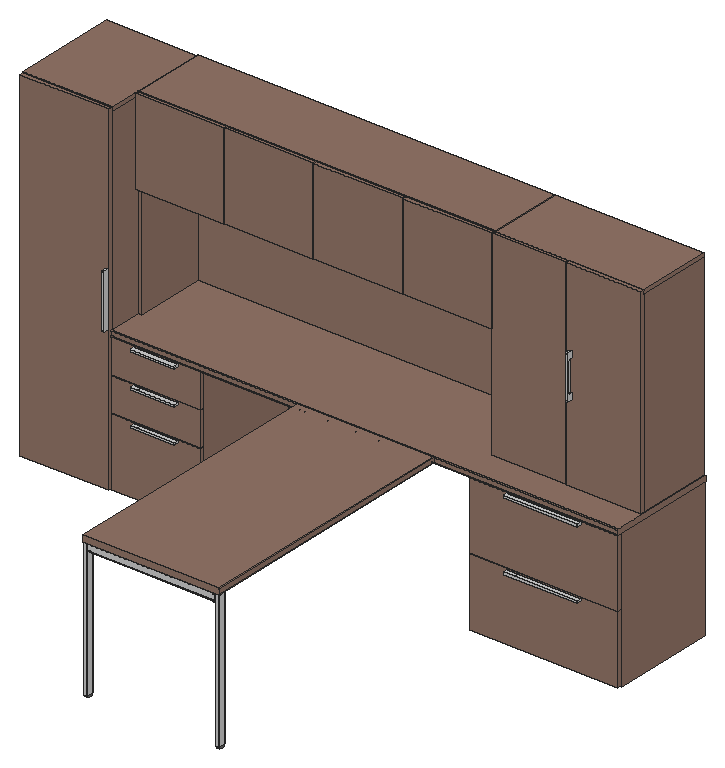
Revit family "FLV019", category Furniture, Revit 2019
Family settings
  OmniClass Number = 23.40.20.00
  OmniClass Title = General Furniture and Specialties
  Work Plane-Based = No
  Always vertical = Yes
  Cut with Voids When Loaded = No
  Shared = No
  Room Calculation Point = No
Reference planes (in)
  plane 1 "Center Front/Back": y = 0
  plane 2: z = 0
  plane 3 "Center Left/Right": x = 0
Dimensions and locks (in)
  aligned and locked: level to plane 2
Nested families (in)
  nested 1: "JSI-Flux-Run_off-Rec_Tbl_Desk-Leg_Asmbly" at (71.98106, -57.69725, 0.16505) x (0, -1, 0) z (0, 0, 1), type "FLV2854RRTN, 54 x 28 Rnff Pen Tbl Dsk Lg Asmbly, Veneer"
    with Width 4' - 6", Depth 2' - 3 1/2"
  nested 2: "JSI-Flux-Crednz_Ped" at (120.97514, -10.40076, 0), type "FLV2230-29FM4, FF Crdnz Pdst, Veneer"
    with Top_Right_Pull_Dist 0' - 7 9/16", Top_Left_Pull_Dist 0' - 7 9/16", Top Door yes, Width 2' - 6", T_R_Pull yes, T_L_Pull yes, Pull Width 1' - 2 7/8", M4 yes, M0 no, Grommet Dist 2' - 10", Drawer Line yes, Doors Line yes, C_Shelf no, C_Pull_Dist 2' - 6", Bottom_Pull_Dist 0' - 7 9/16", Bottom Support no, Bottom Panel Dist 0' - 5 1/8", Bottom Door yes, Depth 1' - 9 13/16", BT_Pull_Width 1' - 2 7/8", BT_Pull yes
  nested 3: "JSI-Flux-Crednz_Ped" at (48.99535, -10.40076, -0.00385), type "FLV2218-29FM1, BFF Crdnz Pdst, Veneer"
    with Top_Right_Pull_Dist 0' - 4 37/64", Top_Left_Pull_Dist 0' - 4 37/64", Top Door yes, Width 1' - 6", T_R_Pull yes, T_L_Pull yes, R_Door_Void_Dist 0' - 0", M1 yes, M0 no, L_Door_Void_Dist 0' - 0", Grommet Dist 1' - 10", Drawer Line yes, Doors Line yes, C_Shelf no, C_Pull_Dist 0' - 4 37/64", C_Pull yes, Bottom_Pull_Dist 0' - 4 37/64", Bottom Support no, Bottom Panel Dist 0' - 5 1/8", Bottom Door yes, Back Support no, Depth 1' - 9 13/16", BT_Pull yes
  nested 4: "JSI-Flux-Wb_Pm_Ht" at (35.68016, -10.86437, 0), type "FLV2218-69FDWL, Wb, L, Veneer"
    with V_Void_Dist 0' - 2", V_Pull_Width 0' - 10 27/32", V_Pull_R_R yes, V_Pull_R_L no, Top_Pull no, R_Vertical_Pull_Dist 1' - 5 3/4", Partition no, Hngr_L no, H_Void_Width 1' - 6 1/16", H_Void_Upper_Dist 0' - 2", H_Void_Top_Dist 0' - 2", H_Void_C_Dist 0' - 2", H_Void_Bottom_Dist 0' - 2", H_Dist_V_Void 0' - 8 31/32", Top_Shelf_Width 1' - 4 1/2", Top_Shelf_Dist 1' - 1.94079", Top_Shelf_Array_Dist 1' - 0.03977", Height 5' - 9 7/32", H_Dist_Bottom_Shelf 0' - 0", FD yes, F7 no, F2 no, F1 no, F0 no, F no, C_Shelf_Width 1' - 4 1/2", C_Pull no, Bottom_Shelf_Width 1' - 4 1/2", Bottom_Shelf_ Dist 1' - 7", Bottom Pull no, # of Top Shelf 2
  nested 5: "JSI-Flux-Strg_Tower" at (125.61766, -10.51074, 0.21162), type "FLV1630-40STD, 40"h Strg Tower, 2 Dr, Veneer"
    with WB_Shelf_Height 1' - 1.08333", WB_Shelf_Dist 0' - 8 1/8", Top Width 2' - 5 7/8", Width 2' - 5 7/8", Shelf Width 2' - 4 3/8", Shelf Dist 1' - 1.08333", Shelf Array Dist 1' - 1.08333", Pull Height 1' - 8", Pull Distance 1' - 3 35/64", Part_R_Dist 2' - 5 1/8", L no, Height 3' - 4", Door Width 1' - 2 7/8", Door Array Dist 1' - 3", Back Width 2' - 4 3/8", # of Shelf 2
  nested 6: "JSI-Flux-Prime_Ht_Strg_OH_Cab" at (53.74266, -10.51074, 0.21654), type "FLV1672-40SO, Strg OH Cab, 4 Dr, Veneer"
    with Width 5' - 11 7/8", Partition Distance_R 2' - 11 9/16", Partition Distance_L 2' - 11 9/16", Door Width 1' - 5 7/8", Door Array Distance 1' - 6", # of Doors 4
  nested 7: "JSI-Flux-Modular_Top" at (53.74052, -10.36672, 0.19886), type "FLV22102MCT,  22 x 102 Mod Cred Top, Sec Sup, Veneer"
    with Width 8' - 6"
Definition of nested family "JSI-Flux-Run_off-Rec_Tbl_Desk-Leg_Asmbly"
  Parameters (values of type "Type Catalog Family - Rnff Table Desk Leg Asmbly")
    Worksurface = none
    Width = 5' - 0"
    URL = "www.jsifurniture.com"
    Type Comments = ""
    Series = "FLUX"  # constant formula
    Sec Support Dst = 1' - 9"
    Model = "FLT3466RRTN"
    Material = ""
    Manufacturer = "JSI"  # constant formula
    Keynote = "12500"
    JSI Enviromental Website = "http://www.jsifurniture.com/jsi_sustainability_intro.php"
    Height = 2' - 5"
    Glides = none
    Frame = none
    Description = "66 X 34 Rectangular Run-off Peninsula Table Desk with End Leg Assembly"
    Depth = 2' - 9 1/2"
    Chassis = none
    Assembly Code = "E2020200"
  Reference planes (in)
    plane 1: z = 0
    plane 2 "Center (Left/Right)": x = -36.06413
    plane 3: z = 29
    plane 4: z = 27.8125
    plane 5 "Center (Front/Back)": y = 10.75
    plane 6: z = 0.3125
    plane 7: y = -22.75
    plane 8: x = 23.93587
    plane 9: z = 21
  Forms (in)
    Extrusion 1, solid, material <- "Frame"
      sketch origin (84, 10.625, 0.3125) x (0, 1, 0) y (-1, 0, 0)
        loop
          line (0, 60.25163) -> (0, 61.50163)
          arc (0, 61.50163) -> (-0.03661, 61.59002) -> (-0.125, 61.62663) r 0.125
          line (-0.125, 61.62663) -> (-0.625, 61.62663)
          arc (-0.625, 61.62663) -> (-0.71339, 61.59002) -> (-0.75, 61.50163) r 0.125
          line (-0.75, 61.50163) -> (-0.75, 60.25163)
          arc (-0.75, 60.25163) -> (-0.71339, 60.16325) -> (-0.625, 60.12663) r 0.125
          line (-0.625, 60.12663) -> (-0.125, 60.12663)
          arc (-0.125, 60.12663) -> (-0.03661, 60.16325) -> (0, 60.25163) r 0.125
        loop
          line (-32.5, 60.25163) -> (-32.5, 61.50163)
          arc (-32.5, 61.50163) -> (-32.53661, 61.59002) -> (-32.625, 61.62663) r 0.125
          line (-32.625, 61.62663) -> (-33.125, 61.62663)
          arc (-33.125, 61.62663) -> (-33.21339, 61.59002) -> (-33.25, 61.50163) r 0.125
          line (-33.25, 61.50163) -> (-33.25, 60.25163)
          arc (-33.25, 60.25163) -> (-33.21339, 60.16325) -> (-33.125, 60.12663) r 0.125
          line (-33.125, 60.12663) -> (-32.625, 60.12663)
          arc (-32.625, 60.12663) -> (-32.53661, 60.16325) -> (-32.5, 60.25163) r 0.125
      from 0 to 27.5
    Extrusion 2, solid, material <- "Worksurface"
      sketch origin (0, 0, 0) x (0, 1, 0) y (0, 0, 1)
        loop
          arc (10.625, 27.8125) -> (10.71339, 27.84911) -> (10.75, 27.9375) r 0.125
          line (10.75, 27.9375) -> (10.75, 28.875)
          arc (10.75, 28.875) -> (10.71339, 28.96339) -> (10.625, 29) r 0.125
          line (10.625, 29) -> (-22.625, 29)
          arc (-22.625, 29) -> (-22.71339, 28.96339) -> (-22.75, 28.875) r 0.125
          line (-22.75, 28.875) -> (-22.75, 27.9375)
          arc (-22.75, 27.9375) -> (-22.71339, 27.84911) -> (-22.625, 27.8125) r 0.125
          line (-22.625, 27.8125) -> (10.625, 27.8125)
      from -36.06413 to 23.93587
    Extrusion 3, solid, material <- "Frame"
      sketch origin (0, 0, 0) x (1, 0, 0) y (0, 0, 1)
        loop
          arc (23.24837, 27.8125) -> (23.15998, 27.77589) -> (23.12337, 27.6875) r 0.125
          line (23.12337, 27.6875) -> (23.12337, 26.4375)
          arc (23.12337, 26.4375) -> (23.15998, 26.34911) -> (23.24837, 26.3125) r 0.125
          line (23.24837, 26.3125) -> (23.74837, 26.3125)
          arc (23.74837, 26.3125) -> (23.83675, 26.34911) -> (23.87337, 26.4375) r 0.125
          line (23.87337, 26.4375) -> (23.87337, 27.6875)
          arc (23.87337, 27.6875) -> (23.83675, 27.77589) -> (23.74837, 27.8125) r 0.125
          line (23.74837, 27.8125) -> (23.24837, 27.8125)
      from -9.875 to 21.875
    Extrusion 4, solid, material <- "Glides"
      sketch origin (59, 0, 0) x (1, 0, 0) y (0, 1, 0)
        loop
          circle (-35.85735, 10.25072) r 0.55846
        loop
          circle (-35.85735, -22.25072) r 0.55846
      from 0 to 0.3125
  Lines and regions (in)
    symbolic lines
      curve 1: line (-36.06413, -22.75, 0) -> (23.93587, -22.75, 0)
      curve 2: line (-36.06413, 10.75, 0) -> (-36.06413, -22.75, 0)
      curve 3: line (23.93587, 10.75, 0) -> (-36.06413, 10.75, 0)
      curve 4: line (23.93587, -22.75, 0) -> (23.93587, 10.75, 0)
    symbolic lines, detail levels medium+fine
      curve 5: line (23.87337, 10.625, 0) -> (22.37337, 10.625, 0)
      curve 6: line (22.37337, 9.875, 0) -> (23.87337, 9.875, 0)
      curve 7: line (23.87337, 9.875, 0) -> (23.87337, 10.625, 0)
      curve 8: line (22.37337, 10.625, 0) -> (22.37337, 9.875, 0)
      curve 9: line (22.37337, -22.625, 0) -> (23.87337, -22.625, 0)
      curve 10: line (23.87337, -21.875, 0) -> (22.37337, -21.875, 0)
      curve 11: line (22.37337, -21.875, 0) -> (22.37337, -22.625, 0)
      curve 12: line (23.87337, -22.625, 0) -> (23.87337, -21.875, 0)
  Dimensions and locks (in)
    locked: plane 6 to level at 0.3125
    "Depth": plane 7 to plane 5 "Center (Front/Back)"
    locked: plane 3 to plane 4 at 1.1875
    plane 3 to level = 2' - 5"
    "Width": plane 2 "Center (Left/Right)" to plane 8
    Extrusion 1 sketch curve to Extrusion 1 sketch curve to plane 8 = 0' - 1 1/2" locked, 0' - 0 1/16" locked  (x2)
    Extrusion 1 sketch curve to Extrusion 1 sketch curve to plane 5 "Center (Front/Back)" = 0' - 0 3/4" locked, 0' - 0 1/8" locked
    Extrusion 1 sketch curve to Extrusion 1 sketch curve to plane 7 = 0' - 0 3/4" locked, 0' - 0 1/8" locked
    plane 8 to Extrusion 3 sketch curve to Extrusion 3 sketch curve = 0' - 0 1/16" locked, 0' - 0 3/4" locked
    locked: plane 4 to Extrusion 3 sketch curve at 1.5
    locked: Extrusion 4 sketch curve to plane 8 at 0.79322  (x2)
    locked: Extrusion 4 sketch curve to plane 5 "Center (Front/Back)" at 0.49928
    locked: plane 7 to Extrusion 4 sketch curve at 0.49928
    "Sec Support Dst": plane 9 to plane 1
    aligned and locked: level to plane 1
    aligned and locked: plane 4 to Extrusion 1
    aligned and locked: Extrusion 1 to plane 6
    aligned and locked: Extrusion 2 sketch curve to plane 5 "Center (Front/Back)"
    aligned and locked: plane 3 to Extrusion 2 sketch curve
    aligned and locked: Extrusion 2 sketch curve to plane 4
    aligned and locked: plane 7 to Extrusion 2 sketch curve
    aligned and locked: Extrusion 2 to plane 2 "Center (Left/Right)"
    aligned and locked: plane 8 to Extrusion 2
    aligned and locked: Extrusion 3 sketch curve to plane 4
    aligned and locked: Extrusion 3 to Extrusion 1  (x2)
    aligned and locked: curve 2 to plane 2 "Center (Left/Right)"
    aligned and locked: plane 8 to curve 4
    aligned and locked: curve 3 to plane 5 "Center (Front/Back)"
    aligned and locked: plane 7 to curve 1
    aligned and locked: curve 5 to Extrusion 1
    aligned and locked: curve 6 to Extrusion 1
    aligned and locked: curve 7 to Extrusion 1
    aligned and locked: curve 8 to Extrusion 1
    aligned and locked: curve 9 to Extrusion 1
    aligned and locked: curve 10 to Extrusion 1
    aligned and locked: curve 11 to Extrusion 1
    aligned and locked: curve 12 to Extrusion 1
  Automatic sketch dimensions
    Extrusion 1 sketch curve to Extrusion 1 sketch curve = 0' - 0 1/8"  (x8)
    Extrusion 2 sketch curve to Extrusion 2 sketch curve = 0' - 0 1/8"  (x3)
    plane 4 to Extrusion 2 sketch curve = 0' - 0 1/8"
    Extrusion 3 sketch curve to Extrusion 3 sketch curve = 0' - 0 1/8"  (x4)
    radius of Extrusion 4 sketch curve = 0' - 0.55846"  (x2)
Definition of nested family "JSI-Flux-Crednz_Ped"
  Parameters (values of type "Type Catalog - Crdnz Pdst")
    V_Door_Void_Dist = if(M7, (if(Width > 1' 10", 0' 0", 0' 2")), (if(M8, 0' 0", 0' 2")))  # 0' - 2"
    Top_V_Door_Void_Dist = if(M, 0' 0", 0' 2")  # 0' - 2"
    Top_Right_Pull_Dist = if(M3, ((Width - Pull Width) / 2), if(M4, ((Width - Pull Width) / 2), ((if(Width > 1' 10", (Width / 2) + 0' 0 7/32", (if(M7, (if(L, (Width - Pull Width - 0' 0 7/32"), 0' 0 7/32")), ((Width - Pull Width) / 2))))))))  # 1' - 6 7/32"
    Top_Left_Pull_Dist = if(M3, ((Width - Pull Width) / 2), if(M4, ((Width - Pull Width) / 2), (if(Width > 1' 10", ((Width / 2) - 0' 0 7/32" - Pull Width), (if(M7, (if(L, (Width - Pull Width - 0' 0 7/32"), 0' 0 7/32")), ((Width - Pull Width) / 2)))))))  # 0' - 8 15/16"
    Top Shelf = if(M8, 2 > 1, 1 > 2)  # no
    Top Pull V_Dist = if(M8, 0' 7 5/64", 0' 0 3/16")  # 0' - 0 3/16"
    Top Panel Dist = if(Depth > 2' 6", 1' 2 3/8", (if(Depth > 1' 10", 0' 8 3/8", 0' 7 3/8")))  # 0' - 7 3/8"
    Top Door = if(M8, 1 > 2, (if(M0, 1 > 2, 2 > 1)))  # no
    Top Back Panel Depth = if(M0, 0' 4 1/2", (if(M1, 0' 4 1/2", (if(M2, 0' 4 1/2", (if(M3, 0' 4 1/2", (if(M4, 0' 4 1/2", (if(M7, 0' 4 1/2", (if(M8, 0' 4 1/2", Shelf Height)))))))))))))  # 0' - 4 1/2"
    Top = none
    Width = 3' - 0"
    URL = "www.jsifurniture.com"
    Type Comments = ""
    T_R_Pull = if(M0, 1 > 2, 2 > 1)  # no
    T_L_Pull = if(M0, 1 > 2, 2 > 1)  # no
    TAG = if(M1, "BBF", (if(M2, "FF", (if(M3, "BBF", (if(M4, "FF", (if(M8, "2 Doors", (if(M0, "Open", (if(M, "BBF", (if(M7, (if(Width > 1' 10", "2 Doors", "1 Door")), "2 Doors")))))))))))))))  # "Open"
    Shelf Height = if(Top Shelf, 1' 0 17/32", 0' 11 3/32")  # 0' - 11 3/32"
    Shelf = none
    Series = "FLUX"  # constant formula
    R_Door_Void_Dist = if(M1, 0' 0", (if(M3, 0' 0", (if(M, (if(L, 0' 0", 0' 2")), 0' 2")))))  # 0' - 2"
    Pull Width = if(M2, 0' 10 27/32", (if(M4, 1' 2 7/8", (if(M3, 1' 2 7/8", 0' 8 27/32")))))  # 0' - 8 27/32"
    Pull Finish = none
    Model = ""
    Manufacturer = "JSI"  # constant formula
    M8 = no
    M7 = no
    M4 = no
    M3 = no
    M2 = no
    M1 = no
    M0 = yes
    M = no
    L_Door_Void_Dist = if(M1, 0' 0", (if(M3, 0' 0", (if(M, (if(L, 0' 2", 0' 0")), 0' 2")))))  # 0' - 2"
    L = no
    Keynote = "12500"
    JSI Enviromental Website = "http://www.jsifurniture.com/jsi_sustainability_intro.php"
    Height = 2' - 4"
    Grommet Dist = if(M8, (Width / 2) - 0' 3", (if(M0, (Width / 2) - 0' 3", Width + 0' 4")))  # 1' - 3"
    Glides = none
    Drawer Line = if(M1, 2 > 1, (if(M2, 2 > 1, (if(M3, 2 > 1, (if(M4, 2 > 1, (if(M, 2 > 1, (if(M7, (if(Width > 1' 10", 1 > 2, 2 > 1)), 1 > 2)))))))))))  # no
    Doors Line = if(M0, 1 > 2, 2 > 1)  # no
    Door Line = if(M7, (if(Width > 1' 10", 2 > 1, 1 > 2)), (if(M8, 2 > 1, (if(M, 2 > 1, 1 > 2)))))  # no
    Door Height = if(M7, (Height - 0' 0 5/16" - 0' 0 1/4"), (if(M8, (Height - 0' 0 5/16" - 0' 7 3/32"), (Height - 0' 0 5/16" - 0' 0 1/4" - 0' 0 1/8") / 2)))  # 1' - 1 21/32"
    C_Shelf = if(M0, 2 > 1, (if(M7, 2 > 1, (if(M8, 2 > 1, (if(M, 2 > 1, 1 > 2)))))))  # yes
    C_Pull_Dist = if(M, (if(L, ((Width / 2) + 0' 0 7/32"), ((Width / 2) - 0' 0 7/32" - Pull Width))), (if(M1, ((Width - Pull Width) / 2), (if(M3, ((Width - Pull Width) / 2), Width)))))  # 3' - 0"
    C_Pull = if(M, 2 > 1, (if(M1, 2 > 1, (if(M3, 2 > 1, 1 > 2)))))  # no
    C_Partition = if(M0, 1 > 2, (if(M1, 1 > 2, (if(M2, 1 > 2, (if(M3, 1 > 2, (if(M4, 1 > 2, (if(M7, 1 > 2, (if(M8, 1 > 2, 2 > 1)))))))))))))  # no
    Bottom_Pull_Dist = (Width - BT_Pull_Width) / 2  # 1' - 1 37/64"
    Bottom Support = if(M7, 2 > 1, (if(M8, 2 > 1, (if(M0, 2 > 1, 1 > 2)))))  # yes
    Bottom Panel Dist = if(M7, 0' 0", (if(M8, 0' 0", (if(M0, 0' 0", 0' 5 1/8")))))  # 0' - 0"
    Bottom Door = if(M0, 1 > 2, 2 > 1)  # no
    Back Support = if(M1, 1 > 2, (if(M2, 1 > 2, 2 > 1)))  # yes
    Back Panel = none
    Door Front = none
    Description = ""
    Depth = 1' - 10"
    Chassis = none
    BT_Pull_Width = if(M2, (if(Width > 1' 10", 1' 2 7/8", 0' 10 27/32")), (if(M4, (if(Width > 1' 10", 1' 2 7/8", 0' 10 27/32")), (if(M3, (if(Width > 1' 10", 1' 2 7/8", 0' 10 27/32")), (if(M, (if(Width > 1' 10", 1' 2 7/8", 0' 10 27/32")), 0' 8 27/32")))))))  # 0' - 8 27/32"
    BT_Pull_Line = if(M0, 1 > 2, 1 > 2)  # no
    BT_Pull = if(M7, 1 > 2, (if(M8, 1 > 2, (if(M0, 1 > 2, 2 > 1)))))  # no
    Assembly Code = "E2020200"
  Reference planes (in)
    plane 1: z = 0
    plane 2 "Center (Left/Right)": x = -31.31413
    plane 3 "Center (Front/Back)": y = 10.75
    plane 4: x = -31.31413
    plane 5: x = -30.56413
    plane 6: x = 4.68587
    plane 7: x = 3.93587
    plane 8: y = -11.25
    plane 9: y = 10.71875
    plane 10: y = 9.96875
    plane 11: x = -13.31413
    plane 12: y = -10.5
    plane 13: z = 28
    plane 14: z = 0.3125
    plane 15: z = 1.5
    plane 16: z = 2.25
    plane 17: z = 16.90625
    plane 18: z = 16.15625
    plane 19: z = 27.25
    plane 20: z = 21.15625
    plane 21: z = 20.40625
    plane 22: z = 0.3125
    plane 23: z = 25.25
    plane 24: z = 20.75
    plane 25: y = 5.375
    plane 26: y = 0.875
    plane 27: y = -6
    plane 28: y = 5.96875
    plane 29: y = -6.5
    plane 30: y = 10.75
    plane 31: y = 9.3125
    plane 32: y = -9.0625
    plane 33: x = -29.56413
    plane 34: x = 2.93587
    plane 35: y = 8.8125
    plane 36: y = 6.3125
    plane 37: x = -16.31413
    plane 38: x = -10.31413
    plane 39: x = -13.68913
    plane 40: x = -12.93913
    plane 41: z = 27.875
    plane 42: z = 0.4375
    plane 43: z = 14.09375
    plane 44: z = 14.21875
    plane 45: x = -13.37663
    plane 46: x = -13.25163
    plane 47: x = -31.25163
    plane 48: x = 4.62337
    plane 49: z = 20.98438
    plane 50: z = 21.10938
    plane 51: z = 21.04688
    plane 52: y = -12.5
    plane 53: y = -13.5
    plane 54: y = -12.5
    plane 55: y = -13.5
    plane 56: y = -12.5
    plane 57: y = -13.5
    plane 58: y = -12.5
    plane 59: y = -13.5
    plane 60: x = -22.37663
    plane 61: x = -13.09538
    plane 62: x = 4.68587
    plane 63: x = -17.73601
    plane 64: z = 27.6875
    plane 65: z = 20.79688
    plane 66: z = 13.90625
    plane 67: y = 8.78125
    plane 68: z = 23
    plane 69: x = -16.31413
    plane 70: x = -10.31413
    plane 71: z = 19.40625
  Forms (in)
    Extrusion 1, solid, material <- "Chassis"
      sketch origin (0, 0, 0) x (0, 1, 0) y (0, 0, 1)
        loop
          line (10.75, 28) -> (-10.5, 28) -> (-10.5, 0.3125) -> (10.75, 0.3125) -> (10.75, 28)
      from -31.31413 to -30.56413
    Extrusion 2, solid, material <- "Chassis"
      sketch origin (0, 0, 0) x (0, 1, 0) y (0, 0, 1)
        loop
          line (10.75, 28) -> (-10.5, 28) -> (-10.5, 0.3125) -> (10.75, 0.3125) -> (10.75, 28)
      from 3.93587 to 4.68587
    Extrusion 3, solid, material <- "Back Panel"
      sketch origin (0, 0, 0) x (0, 1, 0) y (0, 0, 1)
        loop
          line (10.71875, 28) -> (9.96875, 28) -> (9.96875, 0.3125) -> (10.71875, 0.3125) -> (10.71875, 28)
      from -30.56413 to 3.93587
    Extrusion 4, solid, material <- "Shelf", visible <- "Bottom Support"
      sketch origin (0, 0, 0) x (0, 1, 0) y (0, 0, 1)
        loop
          line (9.96875, 1.5) -> (5.96875, 1.5) -> (5.96875, 0.3125) -> (9.96875, 0.3125) -> (9.96875, 1.5)
      from -30.56413 to 3.93587
    Extrusion 5, solid, material <- "Shelf"
      sketch origin (0, 0, 0) x (0, 1, 0) y (0, 0, 1)
        loop
          line (-6.5, 1.5) -> (-10.5, 1.5) -> (-10.5, 0.3125) -> (-6.5, 0.3125) -> (-6.5, 1.5)
      from -30.56413 to 3.93587
    Extrusion 6, solid, material <- "Shelf"
      sketch origin (0, 0, 0) x (0, 1, 0) y (0, 0, 1)
        loop
          line (10.75, 2.25) -> (-10.5, 2.25) -> (-10.5, 1.5) -> (10.75, 1.5) -> (10.75, 2.25)
      from -30.56413 to 3.93587
    Extrusion 7, solid, material <- "Top"
      sketch origin (0, 0, 0) x (0, 1, 0) y (0, 0, 1)
        loop
          line (5.375, 27.25) -> (5.375, 28) -> (0.875, 28) -> (0.875, 27.25) -> (5.375, 27.25)
      from -30.56413 to 3.93587
    Extrusion 8, solid, material <- "Top"
      sketch origin (0, 0, 0) x (0, 1, 0) y (0, 0, 1)
        loop
          line (-6.5, 28) -> (-10.5, 28) -> (-10.5, 27.25) -> (-6.5, 27.25) -> (-6.5, 28)
      from -30.56413 to 3.93587
    Extrusion 9, solid, material <- "Glides"
      sketch origin (0, 0, 0) x (1, 0, 0) y (0, 1, 0)
        loop
          circle (-29.56413, 9.3125) r 0.5
      from 0 to 0.3125
    Extrusion 10, solid, material <- "Glides"
      sketch origin (0, 0, 0) x (1, 0, 0) y (0, 1, 0)
        loop
          circle (2.93587, 9.3125) r 0.5
      from 0 to 0.3125
    Extrusion 11, solid, material <- "Glides"
      sketch origin (0, 0, 0) x (1, 0, 0) y (0, 1, 0)
        loop
          circle (-29.56413, -9.0625) r 0.5
      from 0 to 0.3125
    Extrusion 12, solid, material <- "Glides"
      sketch origin (0, 0, 0) x (1, 0, 0) y (0, 1, 0)
        loop
          circle (2.93587, -9.0625) r 0.5
      from 0 to 0.3125
    Extrusion 13, solid, material <- "Shelf", visible <- "C_Shelf"
      sketch origin (0, 0, 0) x (0, 1, 0) y (0, 0, 1)
        loop
          line (9.96875, 16.90625) -> (-10.5, 16.90625) -> (-10.5, 16.15625) -> (9.96875, 16.15625) -> (9.96875, 16.90625)
      from -30.56413 to 3.93587
    Extrusion 14, solid, material <- "Shelf", visible <- "Top Shelf"
      sketch origin (0, 0, 0) x (1, 0, 0) y (0, 1, 0)
        loop
          line (3.93587, 9.3125) -> (-30.56413, 9.3125) -> (-30.56413, -10.5) -> (3.93587, -10.5) -> (3.93587, 9.3125)
        loop
          line (-11.31413, 8.8125) -> (-15.31413, 8.8125)
          arc (-15.31413, 8.8125) -> (-16.02124, 8.51961) -> (-16.31413, 7.8125) r 1
          line (-16.31413, 7.8125) -> (-16.31413, 7.3125)
          arc (-16.31413, 7.3125) -> (-16.02124, 6.60539) -> (-15.31413, 6.3125) r 1
          line (-15.31413, 6.3125) -> (-11.31413, 6.3125)
          arc (-11.31413, 6.3125) -> (-10.60703, 6.60539) -> (-10.31413, 7.3125) r 1
          line (-10.31413, 7.3125) -> (-10.31413, 7.8125)
          arc (-10.31413, 7.8125) -> (-10.60703, 8.51961) -> (-11.31413, 8.8125) r 1
      from 20.40625 to 21.15625
    Extrusion 15, solid, material <- "Chassis", visible <- "C_Partition"
      sketch origin (0, 0, 0) x (0, 1, 0) y (0, 0, 1)
        loop
          line (9.96875, 27.25) -> (-10.5, 27.25) -> (-10.5, 20.75) -> (9.96875, 20.75) -> (9.96875, 27.25)
      from -13.68913 to -12.93913
    Extrusion 16, solid, material <- "Door Front", visible <- "Top Door"
      sketch origin (0, 0, 0) x (1, 0, 0) y (0, 1, 0)
        loop
          line (4.62337, -10.5) -> (-31.25163, -10.5) -> (-31.25163, -11.25) -> (4.62337, -11.25) -> (4.62337, -10.5)
      from 14.21875 to 27.875
    Extrusion 17, solid, material <- "Door Front", visible <- "Bottom Door"
      sketch origin (0, 0, 0) x (1, 0, 0) y (0, 1, 0)
        loop
          line (-31.25163, -10.5) -> (-31.25163, -11.25) -> (4.62337, -11.25) -> (4.62337, -10.5) -> (-31.25163, -10.5)
      from 0.4375 to 14.09375
    Extrusion 18, void
      sketch origin (0, 0, 0) x (1, 0, 0) y (0, 1, 0)
        loop
          line (-31.31413, -12.5) -> (-31.31413, -13.5) -> (-13.25163, -13.5) -> (-13.25163, -12.5) -> (-31.31413, -12.5)
      from 20.98438 to 21.10937
    Extrusion 19, void
      sketch origin (0, 0, 0) x (1, 0, 0) y (0, 1, 0)
        loop
          line (-13.37663, -12.5) -> (-13.37663, -13.5) -> (4.68587, -13.5) -> (4.68587, -12.5) -> (-13.37663, -12.5)
      from 20.98438 to 21.10937
    Extrusion 20, void
      sketch origin (0, 0, 0) x (1, 0, 0) y (0, 1, 0)
        loop
          line (-13.37663, -12.5) -> (-13.37663, -13.5) -> (-13.25163, -13.5) -> (-13.25163, -12.5) -> (-13.37663, -12.5)
      from 14.09375 to 28
    Extrusion 21, void
      sketch origin (0, 0, 0) x (1, 0, 0) y (0, 1, 0)
        loop
          line (-13.37663, -12.5) -> (-13.37663, -13.5) -> (-13.25163, -13.5) -> (-13.25163, -12.5) -> (-13.37663, -12.5)
      from 0 to 28
    Extrusion 22, solid, material <- "Back Panel", visible <- "Back Support"
      sketch origin (0, 0, 0) x (0, 1, 0) y (0, 0, 1)
        loop
          line (9.96875, 28) -> (8.78125, 28) -> (8.78125, 23) -> (9.96875, 23) -> (9.96875, 28)
      from -30.56413 to 3.93587
    Extrusion 23, void
      sketch origin (0, 0, 0) x (1, 0, 0) y (0, 0, 1)
        loop
          arc (-11.31413, 16.90625) -> (-10.60703, 17.19914) -> (-10.31413, 17.90625) r 1
          line (-10.31413, 17.90625) -> (-10.31413, 18.40625)
          arc (-10.31413, 18.40625) -> (-10.60703, 19.11336) -> (-11.31413, 19.40625) r 1
          line (-11.31413, 19.40625) -> (-15.31413, 19.40625)
          arc (-15.31413, 19.40625) -> (-16.02124, 19.11336) -> (-16.31413, 18.40625) r 1
          line (-16.31413, 18.40625) -> (-16.31413, 17.90625)
          arc (-16.31413, 17.90625) -> (-16.02124, 17.19914) -> (-15.31413, 16.90625) r 1
          line (-15.31413, 16.90625) -> (-11.31413, 16.90625)
      from -10.71875 to -9.3125
  Cuts and joins
    Extrusion 18, Extrusion 19, Extrusion 20, Extrusion 21 cuts Extrusion 16
    Extrusion 21 cuts Extrusion 17
    Extrusion 23 cuts Extrusion 3
  Lines and regions (in)
    symbolic lines
      curve 1: line (-31.31413, 10.75, 0) -> (-31.31413, -10.5, 0)
      curve 2: line (4.68587, 10.75, 0) -> (-31.31413, 10.75, 0)
      curve 3: line (4.68587, 10.75, 0) -> (4.68587, -10.5, 0)
      curve 4: line (4.68587, -10.5, 0) -> (-31.31413, -10.5, 0)
    symbolic lines, visible <- "Doors Line"
      curve 5: line (-31.25163, -11.25, 0) -> (-31.25163, -10.5, 0)
      curve 6: line (4.62337, -11.25, 0) -> (4.62337, -10.5, 0)
    symbolic lines, visible <- "Drawer Line"
      curve 7: line (-31.25163, -11.25, 0) -> (4.62337, -11.25, 0)
    symbolic lines, visible <- "Door Line"
      curve 8: line (-31.25163, -11.25, 0) -> (-13.37663, -11.25, 0)
      curve 9: line (-13.25163, -11.25, 0) -> (4.62337, -11.25, 0)
      curve 10: line (-13.37663, -11.25, 0) -> (-13.37663, -10.5, 0)
      curve 11: line (-13.25163, -11.25, 0) -> (-13.25163, -10.5, 0)
    symbolic lines, visible <- "C_Partition", detail levels medium+fine
      curve 12: line (-13.68913, 9.96875, 0) -> (-13.68913, -10.5, 0)
      curve 13: line (-12.93913, 9.96875, 0) -> (-12.93913, -10.5, 0)
      curve 14: line (-12.93913, 9.96875, 0) -> (-13.68913, 9.96875, 0)
      curve 15: line (-12.93913, -10.5, 0) -> (-13.68913, -10.5, 0)
  Dimensions and locks (in)
    "Width": plane 4 to plane 6
    equal spacing: plane 4, plane 11, plane 6
    plane 10 to plane 9 to plane 3 "Center (Front/Back)" = 0' - 0 3/4" locked, 0' - 0 1/32" locked
    "Depth": plane 8 to plane 3 "Center (Front/Back)"
    locked: plane 8 to plane 12 at 0.75
    plane 4 to plane 5 to plane 33 = 0' - 0 3/4" locked, 0' - 1" locked
    plane 34 to plane 7 to plane 6 = 0' - 1" locked, 0' - 0 3/4" locked
    "Height": plane 13 to plane 1
    locked: plane 13 to plane 19 at 0.75
    plane 71 to plane 17 to plane 18 = 0' - 2 1/2" locked, 0' - 0 3/4" locked
    locked: plane 14 to plane 1 at 0.3125
    plane 16 to plane 15 to plane 14 = 0' - 0 3/4" locked, 0' - 1 3/16" locked
    "Shelf Height": plane 13 to plane 17
    locked: plane 20 to plane 21 at 0.75
    locked: plane 13 to plane 20 at 6.84375
    locked: plane 13 to plane 23 at 2.75
    "Top Back Panel Depth": plane 23 to plane 24
    locked: plane 26 to plane 25 at 4.5
    locked: plane 12 to plane 27 at 4.5
    locked: plane 12 to plane 29 at 4
    "Bottom Panel Dist": plane 30 to plane 3 "Center (Front/Back)"
    locked: plane 31 to plane 3 "Center (Front/Back)" at 1.4375
    locked: plane 12 to plane 32 at 1.4375
    plane 36 to plane 35 to plane 10 = 0' - 2 1/2" locked, 0' - 1 5/32" locked
    locked: plane 37 to plane 38 at 6
    equal spacing: plane 37, plane 11, plane 38
    plane 39 to plane 11 to plane 40 = 0' - 0 3/8" locked, 0' - 0 3/8" locked
    locked: plane 13 to plane 41 at 0.125
    locked: plane 16 to plane 42 at 1.8125
    "Door Height": plane 43 to plane 42
    "Door Height": plane 41 to plane 44
    plane 45 to plane 11 to plane 46 = 0' - 0 1/16" locked, 0' - 0 1/16" locked
    locked: plane 4 to plane 47 at 0.0625
    locked: plane 48 to plane 6 at 0.0625
    plane 50 to plane 51 to plane 49 = 0' - 0 1/16" locked, 0' - 0 1/16" locked
    equal spacing: plane 41, plane 51, plane 44
    locked: plane 53 to plane 52 at 1
    locked: plane 55 to plane 54 at 1
    "L_Door_Void_Dist": plane 52 to plane 12
    "R_Door_Void_Dist": plane 54 to plane 12
    locked: plane 57 to plane 56 at 1
    "Top_V_Door_Void_Dist": plane 56 to plane 12
    locked: plane 59 to plane 58 at 1
    "V_Door_Void_Dist": plane 58 to plane 12
    locked: plane 49 to plane 65 at 0.1875
    "Top Pull V_Dist": plane 41 to plane 64
    locked: plane 43 to plane 66 at 0.1875
    "Top_Left_Pull_Dist": plane 4 to plane 60
    "Top_Right_Pull_Dist": plane 4 to plane 61
    "C_Pull_Dist": plane 4 to plane 62
    "Bottom_Pull_Dist": plane 4 to plane 63
    curve 10 to plane 11 to curve 11 = 0' - 0 1/16" locked, 0' - 0 1/16" locked
    locked: plane 28 to plane 10 at 4
    "Top Panel Dist": plane 29 to plane 26
    locked: plane 67 to plane 10 at 1.1875
    locked: plane 13 to plane 68 at 5
    locked: plane 69 to plane 70 at 6
    "Grommet Dist": plane 4 to plane 69
    radius of Extrusion 9 sketch curve = 0' - 0 1/2"
    radius of Extrusion 10 sketch curve = 0' - 0 1/2"
    radius of Extrusion 11 sketch curve = 0' - 0 1/2"
    radius of Extrusion 12 sketch curve = 0' - 0 1/2"
    aligned and locked: level to plane 1
    aligned and locked: plane 3 "Center (Front/Back)" to Extrusion 1 sketch curve
    aligned and locked: plane 13 to Extrusion 1 sketch curve
    aligned and locked: plane 12 to Extrusion 1 sketch curve
    aligned and locked: plane 14 to Extrusion 1 sketch curve
    aligned and locked: Extrusion 1 to plane 4
    aligned and locked: plane 5 to Extrusion 1
    aligned and locked: plane 13 to Extrusion 2 sketch curve
    aligned and locked: plane 3 "Center (Front/Back)" to Extrusion 2 sketch curve
    aligned and locked: plane 12 to Extrusion 2 sketch curve
    aligned and locked: plane 14 to Extrusion 2 sketch curve
    aligned and locked: Extrusion 2 to plane 7
    aligned and locked: plane 6 to Extrusion 2
    aligned and locked: plane 9 to Extrusion 3 sketch curve
    aligned and locked: plane 22 to Extrusion 3 sketch curve
    aligned and locked: plane 10 to Extrusion 3 sketch curve
    aligned and locked: Extrusion 3 to plane 5
    aligned and locked: plane 7 to Extrusion 3
    aligned and locked: plane 28 to Extrusion 4 sketch curve
    aligned and locked: plane 15 to Extrusion 4 sketch curve
    aligned and locked: plane 14 to Extrusion 4 sketch curve
    aligned and locked: Extrusion 4 to plane 5
    aligned and locked: plane 7 to Extrusion 4
    aligned and locked: plane 29 to Extrusion 5 sketch curve
    aligned and locked: plane 12 to Extrusion 5 sketch curve
    aligned and locked: plane 15 to Extrusion 5 sketch curve
    aligned and locked: plane 14 to Extrusion 5 sketch curve
    aligned and locked: Extrusion 5 to plane 5
    aligned and locked: plane 7 to Extrusion 5
    aligned and locked: plane 16 to Extrusion 6 sketch curve
    aligned and locked: plane 15 to Extrusion 6 sketch curve
    aligned and locked: plane 12 to Extrusion 6 sketch curve
    aligned and locked: plane 30 to Extrusion 6 sketch curve
    aligned and locked: Extrusion 6 to plane 5
    aligned and locked: plane 7 to Extrusion 6
    aligned and locked: plane 19 to Extrusion 7 sketch curve
    aligned and locked: plane 13 to Extrusion 7 sketch curve
    aligned and locked: plane 25 to Extrusion 7 sketch curve
    aligned and locked: plane 26 to Extrusion 7 sketch curve
    aligned and locked: plane 29 to Extrusion 8 sketch curve
    aligned and locked: plane 12 to Extrusion 8 sketch curve
    aligned and locked: plane 19 to Extrusion 8 sketch curve
    aligned and locked: plane 13 to Extrusion 8 sketch curve
    aligned and locked: Extrusion 8 to plane 5
    aligned and locked: Extrusion 7 to plane 5
    aligned and locked: plane 7 to Extrusion 8
    aligned and locked: plane 7 to Extrusion 7
    aligned and locked: Extrusion 9 to plane 1
    aligned and locked: Extrusion 11 to plane 1
    aligned and locked: Extrusion 10 to plane 1
    aligned and locked: Extrusion 12 to plane 1
    aligned and locked: plane 14 to Extrusion 9
    aligned and locked: plane 14 to Extrusion 11
    aligned and locked: plane 14 to Extrusion 10
    aligned and locked: plane 14 to Extrusion 12
    aligned and locked: plane 17 to Extrusion 13 sketch curve
    aligned and locked: plane 18 to Extrusion 13 sketch curve
    aligned and locked: plane 12 to Extrusion 13 sketch curve
    aligned and locked: Extrusion 13 to plane 5
    aligned and locked: plane 7 to Extrusion 13
    aligned and locked: Extrusion 14 sketch curve to plane 31
    aligned and locked: Extrusion 14 sketch curve to plane 5
    aligned and locked: Extrusion 14 sketch curve to plane 7
    aligned and locked: Extrusion 14 sketch curve to plane 12
    aligned and locked: plane 20 to Extrusion 14
    aligned and locked: Extrusion 14 to plane 21
    aligned and locked: Extrusion 14 sketch curve to plane 35
    aligned and locked: Extrusion 14 sketch curve to plane 36
    aligned and locked: Extrusion 14 sketch curve to plane 37
    aligned and locked: Extrusion 14 sketch curve to plane 38
    aligned and locked: plane 10 to Extrusion 15 sketch curve
    aligned and locked: plane 19 to Extrusion 15 sketch curve
    aligned and locked: plane 12 to Extrusion 15 sketch curve
    aligned and locked: plane 24 to Extrusion 15 sketch curve
    aligned and locked: Extrusion 15 to plane 39
    aligned and locked: plane 40 to Extrusion 15
    aligned and locked: Extrusion 16 sketch curve to plane 12
    aligned and locked: Extrusion 16 sketch curve to plane 8
    aligned and locked: Extrusion 16 sketch curve to plane 47
    aligned and locked: Extrusion 16 sketch curve to plane 48
    aligned and locked: plane 41 to Extrusion 16
    aligned and locked: Extrusion 16 to plane 44
    aligned and locked: Extrusion 17 sketch curve to plane 47
    aligned and locked: Extrusion 17 sketch curve to plane 12
    aligned and locked: Extrusion 17 sketch curve to plane 8
    aligned and locked: Extrusion 17 sketch curve to plane 48
    aligned and locked: plane 43 to Extrusion 17
    aligned and locked: Extrusion 17 to plane 42
    aligned and locked: Extrusion 18 sketch curve to plane 4
    aligned and locked: Extrusion 18 sketch curve to plane 52
    aligned and locked: Extrusion 18 sketch curve to plane 53
    aligned and locked: Extrusion 19 sketch curve to plane 54
    aligned and locked: Extrusion 19 sketch curve to plane 55
    aligned and locked: Extrusion 19 sketch curve to plane 6
    aligned and locked: plane 50 to Extrusion 18
    aligned and locked: plane 50 to Extrusion 19
    aligned and locked: Extrusion 18 to plane 49
    aligned and locked: Extrusion 19 to plane 49
    aligned and locked: Extrusion 18 sketch curve to plane 46
    aligned and locked: Extrusion 19 sketch curve to plane 45
    aligned and locked: Extrusion 20 sketch curve to plane 45
    aligned and locked: Extrusion 20 sketch curve to plane 46
    aligned and locked: Extrusion 20 sketch curve to plane 56
    aligned and locked: Extrusion 20 sketch curve to plane 57
    aligned and locked: plane 13 to Extrusion 20
    aligned and locked: Extrusion 20 to plane 43
    aligned and locked: Extrusion 21 sketch curve to plane 45
    aligned and locked: Extrusion 21 sketch curve to plane 46
    aligned and locked: Extrusion 21 sketch curve to plane 59
    aligned and locked: Extrusion 21 sketch curve to plane 58
    aligned and locked: plane 13 to Extrusion 21
    aligned and locked: nested 1 to plane 60
    aligned and locked: nested 2 to plane 61
    aligned and locked: plane 8 to nested 1
    aligned and locked: plane 8 to nested 2
    aligned and locked: nested 3 to plane 62
    aligned and locked: plane 8 to nested 3
    aligned and locked: nested 4 to plane 63
    aligned and locked: plane 8 to nested 4
    aligned and locked: plane 64 to nested 1
    aligned and locked: plane 64 to nested 2
    aligned and locked: plane 65 to nested 3
    aligned and locked: plane 66 to nested 4
    aligned and locked: Extrusion 21 to plane 1
    aligned and locked: curve 1 to plane 4
    aligned and locked: curve 4 to plane 12
    aligned and locked: plane 47 to curve 5
    aligned and locked: plane 12 to curve 5
    aligned and locked: plane 8 to curve 5
    aligned and locked: plane 48 to curve 6
    aligned and locked: plane 12 to curve 6
    aligned and locked: plane 8 to curve 6
    aligned and locked: Extrusion 21 to plane 58
    aligned and locked: plane 11 to nested 5
    aligned and locked: curve 12 to plane 39
    aligned and locked: curve 13 to plane 40
    aligned and locked: curve 14 to plane 10
    aligned and locked: curve 15 to plane 12
    aligned and locked: curve 2 to plane 3 "Center (Front/Back)"
    aligned and locked: plane 14 to plane 22
    aligned and locked: plane 13 to Extrusion 3
    aligned and locked: Extrusion 4 sketch curve to plane 10
    aligned and locked: Extrusion 13 sketch curve to plane 10
    aligned and locked: plane 10 to Extrusion 22 sketch curve
    aligned and locked: plane 67 to Extrusion 22 sketch curve
    aligned and locked: plane 68 to Extrusion 22 sketch curve
    aligned and locked: plane 13 to Extrusion 22 sketch curve
    aligned and locked: Extrusion 22 to plane 5
    aligned and locked: plane 7 to Extrusion 22
    aligned and locked: Extrusion 23 sketch curve to plane 17
    aligned and locked: Extrusion 23 sketch curve to plane 71
    aligned and locked: Extrusion 23 to plane 9
    aligned and locked: plane 31 to Extrusion 23
    aligned and locked: Extrusion 23 sketch curve to plane 69
    aligned and locked: Extrusion 23 sketch curve to plane 70
    aligned and locked: plane 8 to nested 5
    aligned and locked: plane 2 "Center (Left/Right)" to plane 4
  Automatic sketch dimensions
    plane 31 to Extrusion 9 sketch curve = 0' - 0"
    Extrusion 9 sketch curve to plane 33 = 0' - 0"
    plane 31 to Extrusion 10 sketch curve = 0' - 0"
    Extrusion 10 sketch curve to plane 34 = 0' - 0"
    plane 32 to Extrusion 11 sketch curve = 0' - 0"
    Extrusion 11 sketch curve to plane 33 = 0' - 0"
    plane 32 to Extrusion 12 sketch curve = 0' - 0"
    Extrusion 12 sketch curve to plane 34 = 0' - 0"
    plane 37 to Extrusion 14 sketch curve = 0' - 1"  (x2)
    Extrusion 14 sketch curve to plane 38 = 0' - 1"  (x2)
    curve 2 to plane 6 = 0' - 0"
    plane 16 to Extrusion 3 sketch curve = 2' - 1 3/4"
    plane 17 to Extrusion 23 sketch curve = 0' - 1"
    Extrusion 23 sketch curve to Extrusion 23 sketch curve = 0' - 0"  (x2)
    Extrusion 23 sketch curve to plane 70 = 0' - 1"
  Nested families (in)
    nested 1: "Bar Pull CL" at (-21.19689, -11.25, 27.6875), visible <- "T_L_Pull", Pull Line <- "T_L_Pull", Pull Finish <- "Pull Finish", type "PL"
      with Pull Line no, Pull Finish none
    nested 2: "Bar Pull CL" at (-11.91564, -11.25, 27.6875), visible <- "T_R_Pull", Pull Line <- "T_R_Pull", Pull Finish <- "Pull Finish", type "PL"
      with Pull Line no, Pull Finish none
    nested 3: "Bar Pull CL" at (5.86561, -11.25, 20.79688), visible <- "C_Pull", Pull Line <- "C_Pull", Pull Finish <- "Pull Finish", type "PL"
      with Pull Line no, Pull Finish none
    nested 4: "Bar Pull CL_Long" at (-16.55626, -11.25, 13.90625), visible <- "BT_Pull", Pull Finish <- "Pull Finish", Pull Lines <- "BT_Pull_Line", type "PL"
      with Pull Lines no, Pull Finish none, Stud 0' - 1.26339", Long Pull Width 0' - 8 27/32"
    nested 5: "Label 1-16" at (-13.31413, -11.25, 0), type "DRWCFG"
  Definition of nested family "Bar Pull CL"
    Parameters
      Stud = Pull Width / 7  # 0' - 1.26339"
      Pull Width = 0' - 8 27/32"
      Pull Line [instance] = yes
      Pull Finish [instance] = none
    Reference planes (in)
      plane 1 "Center Front/Back": y = 0
      plane 2: z = 0
      plane 3 "Center Left/Right": x = 3.24213
    Forms (in)
      Extrusion 1, solid, material <- "Pull Finish"
        sketch origin (0, 0, 0) x (1, 0, 0) y (0, 1, 0)
          loop
            line (-1.17975, 0) -> (-1.17975, -0.85113)
            arc (-1.17975, -0.85113) -> (-1.15229, -0.91742) -> (-1.086, -0.94488) r 0.09375
            line (-1.086, -0.94488) -> (7.58526, -0.94488)
            arc (7.58526, -0.94488) -> (7.64094, -0.92182) -> (7.664, -0.86614) r 0.07874
            line (7.664, -0.86614) -> (7.664, 0) -> (6.40061, 0) -> (6.40061, -0.70177)
            arc (6.40061, -0.70177) -> (6.364, -0.79016) -> (6.27561, -0.82677) r 0.125
            line (6.27561, -0.82677) -> (0.20864, -0.82677)
            arc (0.20864, -0.82677) -> (0.12026, -0.79016) -> (0.08364, -0.70177) r 0.125
            line (0.08364, -0.70177) -> (0.08364, 0) -> (-1.17975, 0)
        from -0.43307 to -0.11811
      Extrusion 2, solid, material <- "Pull Finish"
        sketch origin (0, 0, 0) x (1, 0, 0) y (0, 1, 0)
          loop
            line (-1.17975, 0) -> (-1.17975, -0.85113)
            arc (-1.17975, -0.85113) -> (-1.15229, -0.91742) -> (-1.086, -0.94488) r 0.09375
            line (-1.086, -0.94488) -> (7.58526, -0.94488)
            arc (7.58526, -0.94488) -> (7.64094, -0.92182) -> (7.664, -0.86614) r 0.07874
            line (7.664, -0.86614) -> (7.664, 0) -> (-1.17975, 0)
        from 0 to -0.11811
    Cuts and joins
      joined: Extrusion 1, Extrusion 2
    Lines and regions (in)
      symbolic lines, visible <- "Pull Line"
        curve 1: line (-1.17975, 0, 0) -> (-1.17975, -0.85113, 0)
        curve 2: line (7.664, -0.86614, 0) -> (7.664, 0, 0)
        curve 3: line (-1.086, -0.94488, 0) -> (7.58526, -0.94488, 0)
        curve 4: arc (-1.17975, -0.85113, 0) -> (-1.15229, -0.91742, 0) -> (-1.086, -0.94488, 0) r 0.09375
        curve 5: arc (7.58526, -0.94488, 0) -> (7.64094, -0.92182, 0) -> (7.664, -0.86614, 0) r 0.07874
    Dimensions and locks (in)
      equal spacing: Extrusion 1 sketch curve, plane 3 "Center Left/Right", Extrusion 1 sketch curve
      "Stud": Extrusion 1 sketch curve to Extrusion 1 sketch curve  (x2)
      "Pull Width": Extrusion 1 sketch curve to Extrusion 1 sketch curve
      aligned and locked: level to plane 2
      aligned and locked: Extrusion 2 sketch curve to Extrusion 1  (x2)
      aligned and locked: cut or joined group of Extrusion 1, Extrusion 2 to curve 1
      aligned and locked: curve 4 to cut or joined group of Extrusion 1, Extrusion 2
      aligned and locked: curve 5 to cut or joined group of Extrusion 1, Extrusion 2
      aligned and locked: plane 1 "Center Front/Back" to curve 1
      aligned and locked: plane 1 "Center Front/Back" to curve 2
    Automatic sketch dimensions
      plane 1 "Center Front/Back" to Extrusion 2 sketch curve = 0' - 0"
      plane 1 "Center Front/Back" to Extrusion 1 sketch curve = 0' - 0"  (x2)
      Extrusion 1 sketch curve to Extrusion 1 sketch curve = 0' - 0 3/32"
      Extrusion 1 sketch curve to Extrusion 1 sketch curve = 0' - 0 1/8"  (x2)
      Extrusion 1 sketch curve to Extrusion 1 sketch curve = 0' - 0.07874"
      plane 1 "Center Front/Back" to Extrusion 1 sketch curve = 0' - 0.70177"
      plane 1 "Center Front/Back" to Extrusion 1 sketch curve = 0' - 0.85113"
  Definition of nested family "Bar Pull CL_Long"
    Parameters
      Stud = Long Pull Width / 7  # 0' - 2.12261"
      Pull Lines [instance] = yes
      Long Pull Width = 1' - 2.85827"
      Pull Finish [instance] = none
    Reference planes (in)
      plane 1 "Center Front/Back": y = 0
      plane 2: z = 0
      plane 3 "Center Left/Right": x = 3.24213
    Forms (in)
      Extrusion 1, solid, material <- "Pull Finish"
        sketch origin (0, 0, 0) x (1, 0, 0) y (0, 1, 0)
          loop
            line (-4.18701, 0) -> (-4.18701, -0.85113)
            arc (-4.18701, -0.85113) -> (-4.15955, -0.91742) -> (-4.09326, -0.94488) r 0.09375
            line (-4.09326, -0.94488) -> (10.59252, -0.94488)
            arc (10.59252, -0.94488) -> (10.6482, -0.92182) -> (10.67126, -0.86614) r 0.07874
            line (10.67126, -0.86614) -> (10.67126, 0) -> (8.54865, 0) -> (8.54865, -0.70177)
            arc (8.54865, -0.70177) -> (8.51204, -0.79016) -> (8.42365, -0.82677) r 0.125
            line (8.42365, -0.82677) -> (-1.9394, -0.82677)
            arc (-1.9394, -0.82677) -> (-2.02779, -0.79016) -> (-2.0644, -0.70177) r 0.125
            line (-2.0644, -0.70177) -> (-2.0644, 0) -> (-4.18701, 0)
        from -0.43307 to -0.11811
      Extrusion 2, solid, material <- "Pull Finish"
        sketch origin (0, 0, 0) x (1, 0, 0) y (0, 1, 0)
          loop
            line (-4.18701, 0) -> (-4.18701, -0.85113)
            arc (-4.18701, -0.85113) -> (-4.15955, -0.91742) -> (-4.09326, -0.94488) r 0.09375
            line (-4.09326, -0.94488) -> (10.59252, -0.94488)
            arc (10.59252, -0.94488) -> (10.6482, -0.92182) -> (10.67126, -0.86614) r 0.07874
            line (10.67126, -0.86614) -> (10.67126, 0) -> (-4.18701, 0)
        from 0 to -0.11811
    Cuts and joins
      joined: Extrusion 1, Extrusion 2
    Lines and regions (in)
      symbolic lines, visible <- "Pull Lines"
        curve 1: line (-4.18701, 0, 0) -> (-4.18701, -0.85113, 0)
        curve 2: line (-4.09326, -0.94488, 0) -> (10.59252, -0.94488, 0)
        curve 3: line (10.67126, -0.86614, 0) -> (10.67126, 0, 0)
        curve 4: arc (10.59252, -0.94488, 0) -> (10.6482, -0.92182, 0) -> (10.67126, -0.86614, 0) r 0.07874
        curve 5: arc (-4.18701, -0.85113, 0) -> (-4.15955, -0.91742, 0) -> (-4.09326, -0.94488, 0) r 0.09375
    Dimensions and locks (in)
      equal spacing: Extrusion 1 sketch curve, plane 3 "Center Left/Right", Extrusion 1 sketch curve
      "Stud": Extrusion 1 sketch curve to Extrusion 1 sketch curve  (x2)
      "Long Pull Width": Extrusion 1 sketch curve to Extrusion 1 sketch curve
      aligned and locked: level to plane 2
      aligned and locked: Extrusion 2 sketch curve to Extrusion 1  (x2)
      aligned and locked: cut or joined group of Extrusion 1, Extrusion 2 to curve 1
      aligned and locked: curve 4 to cut or joined group of Extrusion 1, Extrusion 2
      aligned and locked: curve 5 to cut or joined group of Extrusion 1, Extrusion 2
      aligned and locked: plane 1 "Center Front/Back" to curve 1
      aligned and locked: plane 1 "Center Front/Back" to curve 3
    Automatic sketch dimensions
      plane 1 "Center Front/Back" to Extrusion 2 sketch curve = 0' - 0"
      plane 1 "Center Front/Back" to Extrusion 1 sketch curve = 0' - 0"  (x2)
      Extrusion 1 sketch curve to Extrusion 1 sketch curve = 0' - 0 3/32"
      Extrusion 1 sketch curve to Extrusion 1 sketch curve = 0' - 0 1/8"  (x2)
      Extrusion 1 sketch curve to Extrusion 1 sketch curve = 0' - 0.07874"
      plane 1 "Center Front/Back" to Extrusion 1 sketch curve = 0' - 0.70177"
      Extrusion 1 sketch curve to Extrusion 1 sketch curve = 0' - 0.85113"
  Definition of nested family "Label 1-16"
    Parameters
      Model Name = "LOW DOOR"
    Reference planes (in)
      plane 1: y = 0
      plane 2: x = 0
    Text (in)
      label "XX" at (0.00051, -0.12324, 0), shows "Model Name"
Definition of nested family "JSI-Flux-Wb_Pm_Ht"
  Parameters (values of type "Type Catalog - Wb, Pm Ht")
    W = no
    V_Void_Dist = if(F, 0' 0", (if(W, (if(F7, (if(Width > 1' 7", 0' 0", 0' 2")), 0' 2")), 0' 2")))  # 0' - 0"
    V_Pull_Width = if(Height > 5' 10", 1' 2 27/32", 0' 10 27/32")  # 1' - 2 27/32"
    V_Pull_R_R = if(FD, (if(L, 1 > 2, 2 > 1)), (if(F, 1 > 2, (if(W, 1 > 2, 2 > 1)))))  # no
    V_Pull_R_L = if(FD, (if(L, 2 > 1, 1 > 2)), (if(F, (if(F0, (if(L, 1 > 2, 2 > 1)), 2 > 1)), 1 > 2)))  # yes
    V_Pull_L_R = if(FD, 1 > 2, (if(F, (if(F0, (if(L, 2 > 1, 1 > 2)), 2 > 1)), (if(W, (if(L, 1 > 2, (if(Width > 2' 1", 1 > 2, (if(F0, 1 > 2, 2 > 1)))))), 1 > 2)))))  # no
    V_Pull_L_L = if(FD, 1 > 2, (if(F, 1 > 2, (if(W, (if(Width > 2' 1", (if(F0, 1 > 2, 2 > 1)), (if(L, (if(F0, 1 > 2, 2 > 1)), 1 > 2)))), 2 > 1)))))  # no
    Top_V_Void_Dist = if(W, (if(Width > 2' 1", 0' 0", 0' 2")), 0' 2")  # 0' - 2"
    Top_Pull_Dist = if(W, (if(Width > 2' 1", (if(F7, ((Width / 2) - 0' 0 7/32" - Pull_Width), ((Width / 2) - (Pull_Width / 2)))), (if(F0, (if(F1, ((Width / 2) - (Pull_Width / 2)), (if(F2, ((Width / 2) - (Pull_Width / 2)), (if(L, (0' 0 1/4" + 0' 0 1/16"), (Width - 0' 0 1/4" - 0' 0 1/16" - Pull_Width))))))), (if(L, (0' 0 1/4" + 0' 0 1/16"), (Width - 0' 0 1/4" - 0' 0 1/16" - Pull_Width))))))), (if(L, Partition Dist + 0' 0 1/16" + 0' 0 7/32", Partition Dist + 0' 0 11/16" - 0' 0 7/32" - Pull_Width)))  # 0' - 0 29/32"
    Top_Pull = if(F1, 2 > 1, (if(F2, 2 > 1, (if(F7, 2 > 1, 1 > 2)))))  # yes
    Top_2_Pull_Dist = if(W, (if(F7, (if(Width > 1' 6", ((Width / 2) + 0' 0 1/16" + 0' 0 7/32"), Width + 0' 2")), Width + 0' 2")), Width + 0' 2")  # 1' - 8 1/16"
    Top_2_Pull = if(W, (if(F7, (if(Width > 2' 1", 2 > 1, 1 > 2)), 1 > 2)), 1 > 2)  # no
    R_Vertical_Pull_Dist = if(FD, (if(L, 0' 0 1/32" + 0' 0 1/16" + 0' 0 7/32", (Width - 0' 0 1/32" - 0' 0 1/16" - 0' 0 7/32"))), L_Vertical_Pull_Dist + 0' 0 7/16" + 0' 0 1/8")  # 1' - 0 5/16"
    Pull_Width = if(Width > 2' 1", (if(F7, 0' 10 27/32", 1' 2 3/4")), 0' 10 27/32")  # 0' - 10 27/32"
    Partition = if(FD, 1 > 2, (if(W, 1 > 2, 2 > 1)))  # yes
    L_Vertical_Pull_Dist = (if(W, (if(Width > 2' 1", ((Width / 2) + 0' 0 1/16" + 0' 0 7/32"), (if(L, 0' 0 1/16" + 0' 0 7/32", Width - 0' 0 1/16" - 0' 0 7/32")))), (if(L, Partition Dist - 0' 0 7/32" - 0' 0 1/16", Partition Dist + 0' 0 3/4" - 0' 0 7/32" - 0' 0 1/16"))))  # 0' - 11 3/4"
    Hngr_R = if(W, 1 > 2, (if(FD, 1 > 2, (if(L, 2 > 1, 1 > 2)))))  # no
    Hngr_L = if(W, 1 > 2, (if(FD, 1 > 2, (if(L, 1 > 2, 2 > 1)))))  # yes
    Hanger_Dist = if(L, Partition Dist + 0' 0 3/4", Partition Dist)  # 0' - 11 9/32"
    H_Void_Width = if(F, Top_Shelf_Width + 0' 1 1/2", Width)  # 1' - 0"
    H_Void_Upper_Dist = if(F0, 0' 0", 0' 2")  # 0' - 0"
    H_Void_Top_Dist = if(FD, 0' 2", 0' 0")  # 0' - 0"
    H_Void_H_Dist = if(F, (if(L, Partition Dist + 0' 0 1/16", 0' 0")), 0' 0")  # 0' - 0"
    H_Void_C_Dist = if(F1, 0' 0", 0' 2")  # 0' - 0"
    H_Void_Bottom_Dist = if(F1, 0' 0", (if(F2, 0' 0", 0' 2")))  # 0' - 0"
    H_Dist_V_Void = if(F, (if(L, Partition Dist - 0' 0 1/16", Partition Dist + 0' 0 3/4" - 0' 0 1/16")), (Width / 2) - 0' 0 1/16")  # 0' - 11 31/32"
    H_Dist_C_Panel = if(F, (if(L, Partition Dist - 0' 0 1/32", 0' 0")), 0' 0")  # 0' - 0"
    Top_Shelf_Width = C_Shelf_Width  # 0' - 10 1/2"
    Top_Shelf_Dist = (Height - 0' 0 5/16" - 0' 1 1/2" - 0' 1 3/16") / 4.75  # 1' - 4.46711"
    Top_Shelf_Array_Dist = (Height - 0' 0 5/16" - 0' 1 1/2" - 0' 1 3/16") / 5.5  # 1' - 2.22159"
    Top = none
    Width = 1' - 6 1/16"
    URL = "www.jsifurniture.com"
    Type Comments = ""
    TAG = if(FD, "1Door", (if(F1, "BBF", (if(F2, "FF", (if(Width < 2' 1", "1 Door", "2 Doors")))))))  # "BBF"
    Shelf = none
    Series = "FLUX"  # constant formula
    Pull Finish = none
    Partition Dist = if(L, 0' 6 1/32", Width - 0' 6 1/32" - 0' 0 3/4")  # 0' - 11 9/32"
    Model = ""
    Manufacturer = "JSI"  # constant formula
    L = no
    Keynote = "12500"
    JSI Enviromental Website = "http://www.jsifurniture.com/jsi_sustainability_intro.php"
    Height = 6' - 9 7/32"
    H_Dist_Top_Shelf = if(F, (if(L, Partition Dist + 0' 0 3/4", 0' 0 3/4" + 0' 0 1/32")), 0' 0 3/4" + 0' 0 1/32")  # 0' - 0 25/32"
    H_Dist_Bottom_Shelf = if(F, (if(L, 0' 0", Width - Bottom_Shelf_Width - 0' 0 1/16" - 0' 1 1/2")), 0' 0")  # 0' - 11 1/4"
    Glides = none
    FD = no
    F7 = yes
    F2 = yes
    F1 = yes
    F0 = yes
    F = yes
    Door Line = if(W, (if(Width > 2' 1", (if(F0, (if(F7, 2 > 1, 1 > 2)), 2 > 1)), 1 > 2)), 1 > 2)  # no
    C_Shelf_Width = if(F, Width - 0' 6 1/32" - 0' 1 1/2" - 0' 0 1/32", Width - 0' 0 1/16" - 0' 1 1/2")  # 0' - 10 1/2"
    C_Pull_Dist = Top_Pull_Dist  # 0' - 0 29/32"
    C_Pull = if(F1, 2 > 1, 1 > 2)  # yes
    Bottom_Shelf_Width = if(F, 0' 5 1/4", (Width - 0' 0 1/16" - 0' 1 1/2"))  # 0' - 5 1/4"
    Bottom_Shelf_ Dist = if(FD, 1' 7", 2' 1")  # 2' - 1"
    Bottom_Pull_Dist = Top_Pull_Dist  # 0' - 0 29/32"
    Bottom Pull = if(F1, 2 > 1, (if(F2, 2 > 1, 1 > 2)))  # yes
    Back Panel = none
    Door Front = none
    Description = ""
    Depth = 1' - 9 13/16"
    Chassis = none
    Assembly Code = "E2020200"
    # of Top Shelf = if(Height > 5' 10", 3, 2)  # 3
  Reference planes (in)
    plane 1: z = 0
    plane 2 "Center (Left/Right)": x = -36.06413
    plane 3 "Center (Front/Back)": y = 10.75
    plane 4: x = -18.00163
    plane 5: x = -36.03288
    plane 6: x = -18.03288
    plane 7: y = 10.71875
    plane 8: y = -10.28125
    plane 9: x = -35.28288
    plane 10: x = -18.78288
    plane 11: x = -27.03288
    plane 12: z = 81.21875
    plane 13: z = 0.3125
    plane 14: z = 1.5
    plane 15: z = 2.25
    plane 16: z = 80.46875
    plane 17: y = 10.65625
    plane 18: y = 9.90625
    plane 19: y = 5.90625
    plane 20: y = -10.25
    plane 21: y = -6.25
    plane 22: x = -34.28288
    plane 23: x = -19.78288
    plane 24: y = -9.25
    plane 25: y = 8.90625
    plane 26: y = -11.0625
    plane 27: z = 0.4375
    plane 28: x = -35.97038
    plane 29: x = -18.09538
    plane 30: x = -27.09538
    plane 31: x = -26.97038
    plane 32: z = 81.09375
    plane 33: z = 26.5
    plane 34: z = 27.25
    plane 35: z = 14.375
    plane 36: z = 14.75
    plane 37: z = 14
    plane 38: z = 68.46875
    plane 39: z = 67.71875
    plane 40: y = -10.3125
    plane 41: y = -10.3125
    plane 42: y = -11.3125
    plane 43: y = -10.3125
    plane 44: y = -11.3125
    plane 45: y = -10.3125
    plane 46: y = -11.3125
    plane 47: y = -10.3125
    plane 48: y = -11.3125
    plane 49: z = 26.9375
    plane 50: z = 27.0625
    plane 51: z = 1.625
    plane 52: z = 14.28125
    plane 53: z = 14.34375
    plane 54: z = 14.21875
    plane 55: x = -24.78288
    plane 56: x = -24.03288
    plane 57: x = -24.09538
    plane 58: x = -23.97038
    plane 59: z = 20.64063
    plane 60: z = 20.70313
    plane 61: z = 20.57813
    plane 62: x = -36.06413
    plane 63: x = -24.06413
    plane 64: y = -10.3125
    plane 65: y = -11.3125
    plane 66: x = -24.78288
    plane 67: y = -0.15625
    plane 68: z = 77.59375
    plane 69: x = -35.15788
    plane 70: x = -35.15788
    plane 71: x = -35.15788
    plane 72: z = 26.73438
    plane 73: z = 20.375
    plane 74: z = 14.01563
    plane 75: x = -24.31413
    plane 76: x = -23.75163
    plane 77: z = 40.76563
    plane 78: x = -16.00163
    plane 79: y = -12.3125
    plane 80: y = -13.3125
  Forms (in)
    Extrusion 1, solid, material <- "Chassis"
      sketch origin (0, 0, 0) x (1, 0, 0) y (0, 1, 0)
        loop
          line (-36.03288, 10.71875) -> (-36.03288, -10.25) -> (-35.28288, -10.25) -> (-35.28288, 10.71875) -> (-36.03288, 10.71875)
      from 0.3125 to 80.46875
    Extrusion 2, solid, material <- "Chassis"
      sketch origin (0, 0, 0) x (1, 0, 0) y (0, 1, 0)
        loop
          line (-18.03288, 10.71875) -> (-18.78288, 10.71875) -> (-18.78288, -10.25) -> (-18.03288, -10.25) -> (-18.03288, 10.71875)
      from 0.3125 to 80.46875
    Extrusion 3, solid, material <- "Back Panel"
      sketch origin (0, 0, 0) x (1, 0, 0) y (0, 1, 0)
        loop
          line (-18.78288, 10.65625) -> (-35.28288, 10.65625) -> (-35.28288, 9.90625) -> (-18.78288, 9.90625) -> (-18.78288, 10.65625)
      from 0.3125 to 80.46875
    Extrusion 4, solid, material <- "Top"
      sketch origin (0, 0, 0) x (0, 1, 0) y (0, 0, 1)
        loop
          line (10.75, 81.21875) -> (-10.28125, 81.21875) -> (-10.28125, 80.46875) -> (10.75, 80.46875) -> (10.75, 81.21875)
      from -36.06413 to -18.00163
    Extrusion 5, solid, material <- "Chassis"
      sketch origin (0, 0, 0) x (0, 1, 0) y (0, 0, 1)
        loop
          line (9.90625, 1.5) -> (5.90625, 1.5) -> (5.90625, 0.3125) -> (9.90625, 0.3125) -> (9.90625, 1.5)
      from -35.28288 to -18.78288
    Extrusion 6, solid, material <- "Chassis"
      sketch origin (0, 0, 0) x (0, 1, 0) y (0, 0, 1)
        loop
          line (-6.25, 1.5) -> (-10.25, 1.5) -> (-10.25, 0.3125) -> (-6.25, 0.3125) -> (-6.25, 1.5)
      from -35.28288 to -18.78288
    Extrusion 7, solid, material <- "Shelf"
      sketch origin (0, 0, 0) x (0, 1, 0) y (0, 0, 1)
        loop
          line (9.90625, 1.5) -> (9.90625, 2.25) -> (-10.25, 2.25) -> (-10.25, 1.5) -> (9.90625, 1.5)
      from -35.28288 to -18.78288
    Extrusion 8, solid, material <- "Glides"
      sketch origin (0, 0, 0) x (1, 0, 0) y (0, 1, 0)
        loop
          circle (-34.28288, 8.90625) r 0.5
      from 0 to 0.3125
    Extrusion 9, solid, material <- "Glides"
      sketch origin (0, 0, 0) x (1, 0, 0) y (0, 1, 0)
        loop
          circle (-19.78288, 8.90625) r 0.5
      from 0 to 0.3125
    Extrusion 10, solid, material <- "Glides"
      sketch origin (0, 0, 0) x (1, 0, 0) y (0, 1, 0)
        loop
          circle (-34.28288, -9.25) r 0.5
      from 0 to 0.3125
    Extrusion 11, solid, material <- "Glides"
      sketch origin (0, 0, 0) x (1, 0, 0) y (0, 1, 0)
        loop
          circle (-19.78288, -9.25) r 0.5
      from 0 to 0.3125
    Extrusion 12, solid, material <- "Shelf"
      sketch origin (0, 0, 0) x (1, 0, 0) y (0, 0, 1)
        loop
          line (-35.28288, 26.5) -> (-24.78288, 26.5) -> (-24.78288, 27.25) -> (-35.28288, 27.25) -> (-35.28288, 26.5)
      from -9.90625 to 10.25
    Extrusion 13, solid, material <- "Shelf"
      sketch origin (2.625, 0, 0) x (1, 0, 0) y (0, 0, 1)
        loop
          line (-26.65788, 14) -> (-21.40788, 14) -> (-21.40788, 14.75) -> (-26.65788, 14.75) -> (-26.65788, 14)
      from -9.90625 to 10.25
    Extrusion 14, solid, material <- "Shelf"
      sketch origin (-1, 0, -3.71711) x (1, 0, 0) y (0, 0, 1)
        loop
          line (-34.28288, 68.46875) -> (-34.28288, 67.71875) -> (-23.78288, 67.71875) -> (-23.78288, 68.46875) -> (-34.28288, 68.46875)
      from -9.90625 to 9.25
    Extrusion 15, solid, material <- "Shelf"
      sketch origin (-1, 0, -17.9387) x (1, 0, 0) y (0, 0, 1)
        loop
          line (-34.28288, 68.46875) -> (-34.28288, 67.71875) -> (-23.78288, 67.71875) -> (-23.78288, 68.46875) -> (-34.28288, 68.46875)
